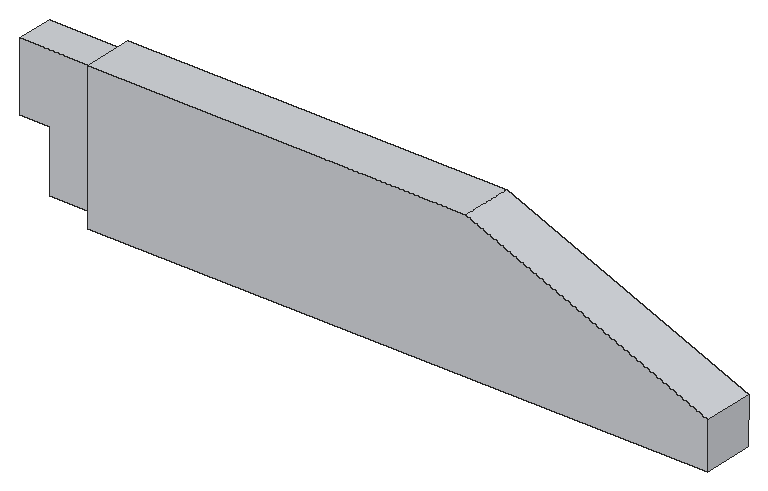
Revit family "抱头梁", category 常规模型, Revit 2022
Family settings
  可将钢筋附着到主体 = 否
  圆形连接件大小 = 使用直径
  零件类型 = 标准
  基于工作平面 = 否
  总是垂直 = 是
  加载时剪切的空心 = 否
  保持注释方向 = 否
  共享 = 否
  房间计算点 = 否
Parameters
  默认高程 = 0 mm
  斜边角度 [instance] = 22.2732°
  抱头梁榫卯左下边长 [instance] = 50 mm
  抱头梁榫卯宽 [instance] = 50 mm
  抱头梁榫卯上边长 [instance] = 100 mm
  抱头梁左边高 [instance] = 200 mm
  抱头梁宽 [instance] = 70 mm
  抱头梁右边高 [instance] = 63.836 mm
  抱头梁右榫卯下边长 [instance] = 60 mm
  抱头梁下边长 [instance] = 852.447 mm
  抱头梁下榫卯高 [instance] = 85 mm
  抱头梁上边长 [instance] = 520 mm
  抱头梁上榫卯高 [instance] = 95.057 mm
Reference planes
  plane 1 "中心(前/后)": y = 0
  plane 2: z = 0
  plane 3 "中心(左/右)": x = 0
  plane 4: z = 2529.3
  plane 5: z = 2729.3
  plane 6: z = 2593.136
  plane 7: z = 2529.3
Forms (mm)
  Extrusion 1, solid
    sketch origin (583.011, -35, -729.211) x (1, 0, 0) y (0, 0, 1)
      loop
        line (-859.365, 3453.569) -> (-959.365, 3453.569) -> (-959.365, 3358.511) -> (-919.365, 3358.511) -> (-919.365, 3273.511) -> (-859.365, 3273.511) -> (-859.365, 3453.569)
    from -25 to 25
  Extrusion 2, solid
    sketch origin (0, 0, 0) x (1, 0, 0) y (0, 0, 1)
      loop
        line (-276.223, 2729.3) -> (-276.223, 2529.3) -> (576.223, 2529.3) -> (576.223, 2593.136) -> (243.777, 2729.3) -> (-276.223, 2729.3)
    from 0 to 70
Cuts and joins
  joined: Extrusion 1, Extrusion 2
Dimensions and locks
  "抱头梁上边长": Extrusion 2 sketch curve to Extrusion 2 sketch curve
  "抱头梁下边长": Extrusion 2 sketch curve to Extrusion 2 sketch curve
  "抱头梁宽": Extrusion 2 to Extrusion 2
  "抱头梁左边高": plane 5 to plane 4
  "抱头梁榫卯上边长": Extrusion 1 sketch curve to Extrusion 1 sketch curve
  "抱头梁上榫卯高": Extrusion 1 sketch curve to Extrusion 1 sketch curve
  "抱头梁下榫卯高": Extrusion 1 sketch curve to Extrusion 1 sketch curve
  "抱头梁右榫卯下边长": Extrusion 1 sketch curve to Extrusion 1 sketch curve
  "抱头梁榫卯宽": cut or joined group of Extrusion 1, Extrusion 2 to cut or joined group of Extrusion 1, Extrusion 2
  aligned and locked: level to plane 2
  aligned and locked: Extrusion 2 to plane 4
  aligned and locked: plane 5 to Extrusion 2
  aligned and locked: Extrusion 2 to plane 7
Automatic sketch dimensions
  Extrusion 1 sketch curve to plane 5 = 4.943 mm
  Extrusion 1 sketch curve to plane 3 "中心(左/右)" = 376.353 mm
  Extrusion 2 sketch curve to plane 5 = 0 mm
  Extrusion 2 sketch curve to plane 4 = 0 mm
  Extrusion 2 sketch curve to plane 6 = 0 mm
  Extrusion 2 sketch curve to plane 3 "中心(左/右)" = 276.223 mm
